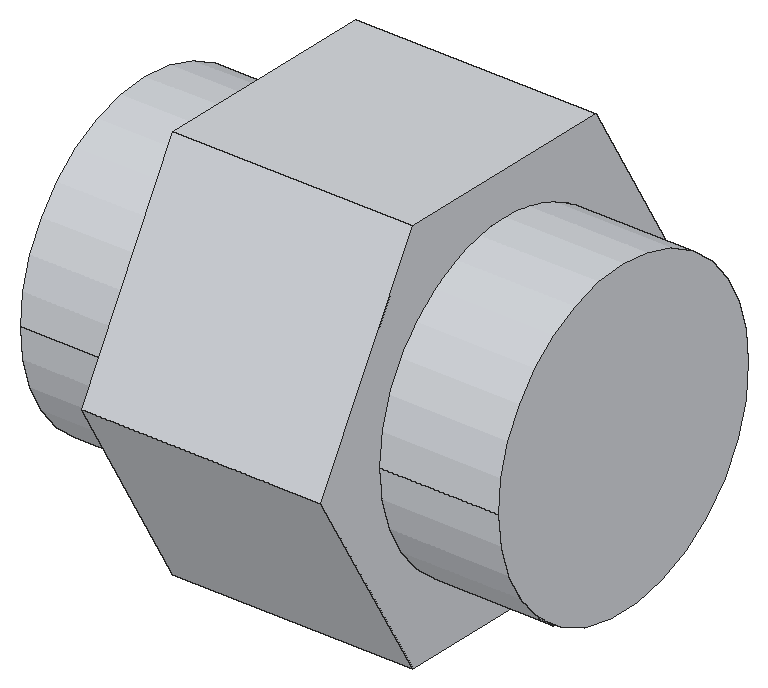
Revit family "União - Passagem - PPR", category Conexões de tubo, Revit 2019
Family settings
  Cota do conector redondo = Usar raio
  Tipo de parte = União
  Com base no plano de trabalho = Não
  Sempre na vertical = Sim
  Corte com vazios quando carregada = Não
  Compartilhado = Não
Parameters (values of type "Padrão")
  Tamanho da marca de revisão [instance] = Diâmetro externo do soquete * 0.4  # 12 mm
  Raio nominal [instance] = 10 mm
  Diâmetro nominal [instance] = Raio nominal * 2  # 20 mm
  Método de perda = Coeficiente K da tabela
  Nome da tabela de pesquisa = "BR_Union - Slip - PPR"
  Comprimento 2 [instance] = (Diâmetro externo da conexão / 2) * (1 - sin(60.00°))  # 2.947 mm
  Comprimento 1 [instance] = (Diâmetro externo da conexão / 2) * cos(60.00°)  # 11 mm
  Comprimento [instance] = size_lookup(Nome da tabela de pesquisa, "Lgt", 0.34 * Diâmetro nominal + 39 mm, Diâmetro nominal)  # 46 mm
  Tabela de coeficiente K = "Redutor/Acoplamento/União/Redutor"
  Raio externo do soquete [instance] = Diâmetro externo do soquete / 2  # 15 mm
  Diâmetro externo do soquete [instance] = size_lookup(Nome da tabela de pesquisa, "SOD", 1.17 * Diâmetro nominal + 6.8 mm, Diâmetro nominal)  # 30 mm
  Diâmetro externo da conexão [instance] = size_lookup(Nome da tabela de pesquisa, "FOD", 2.17 * Diâmetro nominal + 0.2 mm, Diâmetro nominal)  # 44 mm
Reference planes
  plane 1 "Centro (frente/trás)": y = 0
  plane 2: z = 0
  plane 3 "Centro (direita/esquerda)": x = 0
  plane 4: x = -23
  plane 5: x = 23
  plane 6: y = 12
  plane 7: y = -12
  plane 8: x = -11.5
  plane 9: x = 11.5
  plane 10: y = 22
  plane 11: y = -22
  plane 12: z = 22
  plane 13: z = -22
  plane 14: y = -11
  plane 15: y = 11
  plane 16: z = 19.053
  plane 17: z = -19.053
Forms (mm)
  Extrusion 1, solid, detail levels fine
    sketch origin (0, 0, 0) x (0, 1, 0) y (0, 0, 1)
      loop
        circle (0, 0) r 15
    from -23 to 23
  Extrusion 2, solid, detail levels fine
    sketch origin (-11.5, 28.59, 1219.2) x (0, 1, 0) y (0, 0, 1)
      loop
        line (-17.59, -1200.147) -> (-39.59, -1200.147) -> (-50.59, -1219.2) -> (-39.59, -1238.253) -> (-17.59, -1238.253) -> (-6.59, -1219.2) -> (-17.59, -1200.147)
    from 0 to 23
Cuts and joins
  joined: Extrusion 1, Extrusion 2
Lines and regions (mm)
  model lines, detail levels coarse+medium
    curve 1: line (-23, 0, 0) -> (23, 0, 0)
    curve 2: line (-23, 12, 0) -> (-23, -12, 0)
    curve 3: line (23, 12, 0) -> (23, -12, 0)
Dimensions and locks
  "Comprimento": plane 4 to plane 5
  "Tamanho da marca de revisão": plane 6 to plane 1 "Centro (frente/trás)"
  "Tamanho da marca de revisão": plane 7 to plane 1 "Centro (frente/trás)"
  equal spacing: plane 4, plane 8, plane 3 "Centro (direita/esquerda)", plane 9, plane 5
  equal spacing: plane 10, plane 1 "Centro (frente/trás)", plane 11
  "Diâmetro externo da conexão": plane 10 to plane 11
  equal spacing: plane 12, level, plane 13
  "Diâmetro externo da conexão": plane 12 to plane 13
  "Comprimento 1": plane 15 to plane 1 "Centro (frente/trás)"
  "Comprimento 1": plane 1 "Centro (frente/trás)" to plane 14
  "Comprimento 2": plane 17 to plane 13
  "Comprimento 2": plane 12 to plane 16
  "Raio externo do soquete": radius of Extrusion 1 sketch curve
  aligned and locked: plane 2 to Extrusion 1 sketch curve
  aligned and locked: plane 1 "Centro (frente/trás)" to Extrusion 1 sketch curve
  aligned and locked: Extrusion 1 to plane 4
  aligned and locked: Extrusion 1 to plane 5
  aligned and locked: plane 6 to curve 2
  aligned and locked: plane 7 to curve 2
  aligned and locked: curve 2 to plane 4
  aligned and locked: plane 6 to curve 3
  aligned and locked: plane 7 to curve 3
  aligned and locked: plane 5 to curve 3
  aligned and locked: plane 4 to curve 1
  aligned and locked: plane 5 to curve 1
  aligned and locked: plane 1 "Centro (frente/trás)" to curve 1
  aligned and locked: plane 4 to Extrusion 1
  aligned and locked: plane 5 to Extrusion 1
  aligned and locked: Extrusion 2 to plane 8
  aligned and locked: plane 9 to Extrusion 2
Automatic sketch dimensions
  Extrusion 2 sketch curve to level = 0 mm  (x2)
  Extrusion 2 sketch curve to plane 11 = 0 mm
  Extrusion 2 sketch curve to plane 14 = 0 mm  (x2)
  Extrusion 2 sketch curve to plane 15 = 0 mm  (x2)
  Extrusion 2 sketch curve to plane 10 = 0 mm
  Extrusion 2 sketch curve to plane 17 = 0 mm
  Extrusion 2 sketch curve to plane 16 = 0 mm
Connectors
  piping at (-23, 0, 0), diameter 20, driven by "Raio nominal"
    settings: on Extrusion 1, index 1, connector inside diameter 20 mm, connector length 0 mm, flow factor 0, pipe flow 0.0 L/s, pressure drop 0.0 Pa, fitting loss kfactor 0, connector angle 0.00°, fixture units 0, engagement length 0 mm, angle of deflection 0.00°, flow configuration 0, flow direction 0, fitting loss method 0, system type 28, joint type 0, gender type 0, connector reference index 2, connector utility 0, adjustable connector no, is connector primary yes, connector description ""
  piping at (23, 0, 0), diameter 20, driven by "Raio nominal"
    settings: on Extrusion 1, index 2, connector inside diameter 20 mm, connector length 0 mm, flow factor 0, pipe flow 0.0 L/s, pressure drop 0.0 Pa, fitting loss kfactor 0, connector angle 0.00°, fixture units 0, engagement length 0 mm, angle of deflection 0.00°, flow configuration 0, flow direction 0, fitting loss method 0, system type 28, joint type 0, gender type 0, connector reference index 1, connector utility 0, adjustable connector no, is connector primary no, connector description ""
